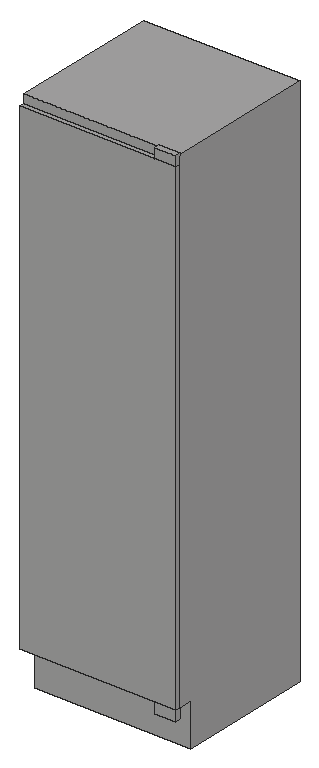
Revit family "RC 462704", category Generic Models, Revit 2014
Parameters (values of type "RC462705")
  Width = 610 mm
  URL = "http://www.gaggenau.com."
  Model = "RC462705"
  Manufacturer = "Gaggenau"
  Height = 2125 mm
  Handle = Aluminium
  Fridge = Aluminium
  Door = Aluminium
  Description = "Gaggenau 24\" Refrigeration column"
  Depth = 608 mm
Reference planes
  plane 1 "Center (Front/Back)": y = 0
  plane 2: z = 0
  plane 3 "Center (Left/Right)": x = 0
  plane 4: z = 2125
  plane 5: x = -305
  plane 6: x = 305
  plane 7: y = 266.012
  plane 8: y = -341.988
  plane 9: z = 181
  plane 10: z = 102
  plane 11: z = 14.093
  plane 12: z = 2131
  plane 13: z = 2091
  plane 14: y = -268.988
  plane 15: y = -321.988
  plane 16: x = 244.794
Forms (mm)
  Extrusion 1, solid, material "Aluminium" <- "Fridge"
    sketch origin (0, 0, 0) x (0, 1, 0) y (0, 0, 1)
      loop
        line (266.012, 2125) -> (-321.988, 2125) -> (-321.988, 181) -> (-268.988, 181) -> (-268.988, 14.093) -> (266.012, 14.093) -> (266.012, 2125)
    from -305 to 305
  Extrusion 2, solid, material "Aluminium" <- "Door"
    sketch origin (0, 0, 0) x (1, 0, 0) y (0, 0, 1)
      loop
        line (-305, 181) -> (305, 181) -> (305, 2091) -> (-305, 2091) -> (-305, 181)
    from 321.988 to 341.988
  Extrusion 3, solid, material "Aluminium" <- "Door"
    sketch origin (0, 0, -0.35) x (1, 0, 0) y (0, 0, 1)
      loop
        line (305, 2131.35) -> (225, 2131.35) -> (225, 2091.35) -> (305, 2091.35) -> (305, 2131.35)
      loop
        line (305, 181.35) -> (225, 181.35) -> (225, 141.35) -> (305, 141.35) -> (305, 181.35)
    from 321.988 to 341.988
  Extrusion 4, solid, material "Aluminium" <- "Fridge"
    sketch origin (0, 0, 0) x (1, 0, 0) y (0, 1, 0)
      loop
        circle (-273.403, -159.898) r 11.868
      loop
        circle (-273.403, 159.898) r 11.868
      loop
        circle (273.403, -159.898) r 11.868
      loop
        circle (273.403, 159.898) r 11.868
    from 0 to 14.093
Dimensions and locks
  "Width": plane 5 to plane 6
  plane 7 to plane 8 = 608 mm  (x2)
  plane 4 to plane 2 = 2125 mm
  plane 9 to plane 2 = 181 mm
  plane 10 to plane 2 = 102 mm
  plane 12 to plane 13 = 40 mm
  plane 14 to plane 8 = 73 mm
  plane 6 to plane 16 = 60.206 mm
  equal spacing: plane 5, plane 3 "Center (Left/Right)", plane 6
  plane 12 to plane 10 = 2029 mm
  aligned and locked: level to plane 2
  aligned and locked: plane 5 to Extrusion 1
  aligned and locked: plane 6 to Extrusion 1
  aligned and locked: Extrusion 2 to plane 8
  aligned and locked: Extrusion 2 to Extrusion 1
  aligned and locked: Extrusion 3 to plane 8
  aligned and locked: Extrusion 3 to Extrusion 1
  aligned and locked: plane 13 to Extrusion 2 sketch curve
  aligned and locked: plane 6 to Extrusion 2 sketch curve
  aligned and locked: plane 5 to Extrusion 2 sketch curve
Automatic sketch dimensions
  Extrusion 1 sketch curve to plane 4 = 0 mm
  Extrusion 1 sketch curve to plane 15 = 0 mm
  Extrusion 1 sketch curve to plane 9 = 0 mm
  Extrusion 1 sketch curve to plane 14 = 0 mm
  Extrusion 1 sketch curve to plane 7 = 0 mm
  Extrusion 1 sketch curve to plane 11 = 0 mm
  Extrusion 4 sketch curve to plane 5 = 31.597 mm  (x2)
  plane 16 to Extrusion 4 sketch curve = 28.608 mm  (x2)
  Extrusion 4 sketch curve to plane 14 = 109.089 mm  (x2)
  Extrusion 4 sketch curve to plane 7 = 106.114 mm  (x2)
  plane 10 to Extrusion 2 sketch curve = 79 mm
  Extrusion 3 sketch curve to plane 16 = 19.794 mm  (x2)
  Extrusion 3 sketch curve to plane 12 = 0 mm
  Extrusion 3 sketch curve to plane 6 = 0 mm  (x2)
  Extrusion 3 sketch curve to plane 9 = 0 mm
  Extrusion 3 sketch curve to plane 13 = 0 mm
  Extrusion 3 sketch curve to plane 9 = 40 mm
  radius of Extrusion 4 sketch curve = 11.868 mm  (x4)
